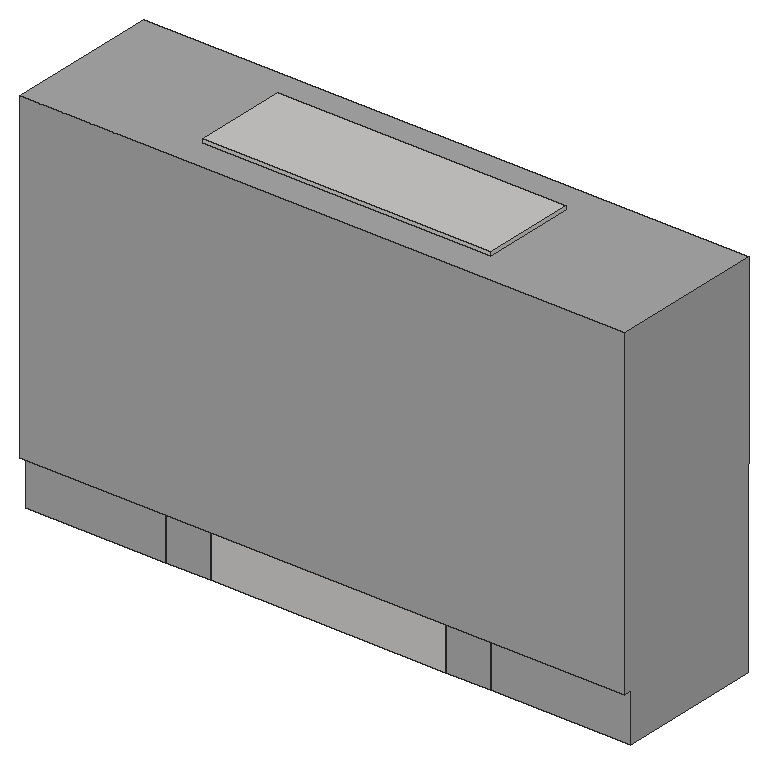
Revit family
Parameters (values of type "FWX 02 - 115V - 4 Pipe - 3 Rows Cooling - 1 Row Heating")
  Width = 3' - 5"
  Water Connection Radius [instance] = if(1 = 1, Water Connection Diameter / 2, 1' 0")  # 0' - 0 5/16"
  Water Connection Diameter [instance] = if(or([4 Pipe], [2 Pipe Heating]), Hot Water Connection Diameter, Chilled Water Connection Diameter)  # 0' - 0 5/8"
  Water Coil Pressure Drop = if(or([4 Pipe], [2 Pipe Heating]), Heating Coil Water Pressure Drop, Cooling Coil Water Pressure Drop)  # 0 Pa
  Total Coil Row Count = Heating Coil Row Count + Cooling Coil Row Count  # 4
  Heating Hot Water [instance] = yes
  Voltage = 120 V
  Unit Weight = if(Unit Size > 11, 149.00 lbf, if(Unit Size > 9, 131.00 lbf, if(Unit Size > 7, 102.00 lbf, if(Unit Size > 5, 96.00 lbf, if(Unit Size > 3, 87.00 lbf, if(Unit Size > 2, 74.00 lbf, if(Unit Size > 1, 66.00 lbf, 66.00 lbf)))))))  # 66.00 lbf
  Unit Size = 2
  URL = "http://www.enviro-tec.com/index.html"
  Type Comments = ""
  Total Cooling Capacity = 0.0 Btu/h
  Supply Air Connection Width = 19 1/2"
  Supply Air Connection Height = 7 1/2"
  Heating Steam [instance] = not(Heating Hot Water)  # no
  Sloped Top Panel = 1 = 0  # no
  Sensible Heating Capacity = 0.0 Btu/h
  Sensible Cooling Capacity = 0.0 Btu/h
  Secondary Condensate Drain Flow = 0 GPM
  Return Air Connection Width = 22"
  Return Air Connection Height = 0' 3 1/4"  # 3 1/4"
  Product Page URL = "http://www.enviro-tec.com/eCatalog/products.asp?ID=1"
  Product Documentation Link = "http://www.enviro-tec.com/pdf/catalog/ET115.26-EG6.pdf"
  Pressure Drop = 0.00 in-wg
  Power Factor = 1
  Return Duct Connector Description [instance] = "Return Air Connection"  # constant formula
  Outside Air Connection Width = 1' - 4"
  Outside Air Connection Height = 0' - 2 1/2"  # constant formula
  Outside Air Connection Description [instance] = if(Outside Air Connection, "Outside Air Connection", "Disabled")  # "Disabled"
  Outside Air Connection = no
  Heating Coil Row Count = 1
  Heating Coil Description [instance] = if(Heating Hot Water, "Hot Water", "Steam")  # "Hot Water"
  Filter Size = "9.25 X 21.75 X 1"
  Electric Heat Current = 0 A
  Depth = 0' - 10"  # constant formula
  Cooling DX Suction [instance] = no
  Cooling DX Liquid [instance] = no
  Cooling DX [instance] = yes
  Cooling Coil Row Count = 3
  Cooling Coil Description [instance] = if(Cooling Chilled Water, "Chilled Water", "DX")  # "DX"
  Cooling Chilled Water [instance] = or(and(not(Cooling DX Suction), not(Cooling DX), not(Cooling DX Liquid)))  # no
  Condensate Drain Connector Description [instance] = "Condensate Drain Connection"  # constant formula
  Water Supply Connector Description [instance] = if(or([4 Pipe], [2 Pipe Heating]), "Hot Water Supply", "Chilled Water Supply")  # "Hot Water Supply"
  Water Return Connector Description [instance] = if(or([4 Pipe], [2 Pipe Heating]), "Hot Water Return", "Chilled Water Return")  # "Hot Water Return"
  Chilled Water Supply Connector Description [instance] = if([4 Pipe], "Chilled Water Supply", "Disabled")  # "Disabled"
  Chilled Water Return Connector Description [instance] = if([4 Pipe], "Chilled Water Return", "Disabled")  # "Disabled"
  OmniClass Title = "Fan Coil Units"  # constant formula
  OmniClass Number = "23.75.70.17.27"  # constant formula
  Number of Poles = 1
  Net Weight = Unit Weight + Coil Rows Weight  # 96.00 lbf
  Mounting Hole Distance = if(1 = 1, Supply Air Connection Width + 0' 6", 1' 0")  # 2' - 1 1/2"
  Motor PSC Type [instance] = yes
  Fan Motor Current = 0 A
  Model = "FWX"
  Manufacturer = "Johnson Controls, Inc."  # constant formula
  Louver Material = Metal - JCI - Steel - Powder Coated - Gray - Louver
  Keynote = "15700"
  Hot Water Connection Diameter = if(Heating Coil Row Count < 3, 0' 0 5/8", 0' 0 3/4")  # 5/8"
  Height = 2' - 1 1/4"
  Heating Leaving Water Temperature [instance] = 140 °F
  Heating Entering Water Temperature [instance] = 180 °F
  Heating Entering Dry Bulb Temperature [instance] = 70 °F
  Heating Coil Water Pressure Drop = 0 Pa
  Heating Coil Row Quantity = 1
  Full Load Current = Fan Motor Current + Electric Heat Current  # 0 A
  Frequency = 0 Hz
  Frame Material = Metal - JCI - Steel - Galvanized
  Filter Throwaway [instance] = yes
  Filter Pleated 1 in [instance] = no
  Fan Width = if(Supply Air Connection Width > 2' 8", 0' 8 1/4", if(Supply Air Connection Width > 2' 3", 0' 6 7/8", if(Supply Air Connection Width > 1' 6", 0' 8 1/4", 0' 6 7/8")))  # 0' - 8 1/4"
  Fan Motor Horsepower = 0.1666
  External Static Pressure [instance] = 0.00 in-wg
  Electrical Connector Description = "Equipment Power"
  Electric Heat Wattage = 0 W
  Electric Heat Capacity = 0.0 Btu/h
  Supply Duct Connector Description = "Supply Air Connection"  # constant formula
  Design Heating Water Flow = 0 GPM
  Design Chilled Water Flow = 0 GPM
  Cooling Leaving Water Temperature [instance] = 55 °F
  Cooling Entering Wet Bulb Temperature [instance] = 67 °F
  Cooling Entering Water Temperature [instance] = 45 °F
  Cooling Entering Dry Bulb Temperature [instance] = 80 °F
  Cooling Coil Water Pressure Drop = 0 Pa
  Control Enclosure Width = 0' - 5 7/8"  # constant formula
  Control Enclosure Height [instance] = 0' - 5 1/2"  # constant formula
  Control Enclosure Depth = 0' - 3"  # constant formula
  Condensate Drain Pan Material = Metal - JCI - Steel - Galvanized
  Chilled Water Connection Radius [instance] = if(1 = 1, Chilled Water Connection Diameter / 2, 1' 0")  # 0' - 0 7/16"
  CTRL Slope Offset [instance] = if(Sloped Top Panel, 0' 3 5/8", 0' 0")  # 0' - 0"
  CTRL Slope Length [instance] = if(Sloped Top Panel, 0' 10 5/8", Depth + 0' 0 1/2")  # 0' - 10 1/2"
  CTRL Slope [instance] = if(Sloped Top Panel, 19.935°, 0.00°)  # 0.00°
  CTRL Outside Air Flow [instance] = if(Outside Air Connection, Actual Outside Air Flow, 0 CFM)  # 0 CFM
  CTRL Outside Air Connection Offset [instance] = if(1 = 1, Width / 2, 0' 0")  # 1' - 8 1/2"
  CTRL Junction Box Height [instance] = 0' - 6"  # constant formula
  CTRL Condensate Drain Offset [instance] = if(Coil Connection Right, Return Air Connection Width, 0' 0")  # 1' - 10"
  Condensate Drain Length [instance] = 0' - 8"  # constant formula
  Condensate Drain Height [instance] = if(Auxiliary Drip Pan, 0' 6 1/32", 0' 9")  # 0' - 6 1/32"
  Condensate Drain Connection Diameter Auxiliary = 0' 0 5/8"  # 5/8"
  Coil Rows Weight = if(and(Unit Size > 11, Total Coil Row Count > 3), 77.00 lbf, if(and(Unit Size > 11, Total Coil Row Count > 2), 61.00 lbf, if(and(Unit Size > 11, Total Coil Row Count > 1), 47.00 lbf, if(and(Unit Size > 11, Total Coil Row Count > 0.5), 37.00 lbf, if(and(Unit Size > 9, Total Coil Row Count > 3), 65.00 lbf, if(and(Unit Size > 9, Total Coil Row Count > 2), 52.00 lbf, if(and(Unit Size > 9, Total Coil Row Count > 1), 41.00 lbf, if(and(Unit Size > 9, Total Coil Row Count > 0.5), 32.00 lbf, if(and(Unit Size > 7, Total Coil Row Count > 3), 52.00 lbf, if(and(Unit Size > 7, Total Coil Row Count > 2), 41.00 lbf, if(and(Unit Size > 7, Total Coil Row Count > 1), 32.00 lbf, if(and(Unit Size > 7, Total Coil Row Count > 0.5), 25.00 lbf, if(and(Unit Size > 5, Total Coil Row Count > 3), 50.00 lbf, if(and(Unit Size > 5, Total Coil Row Count > 2), 39.00 lbf, if(and(Unit Size > 5, Total Coil Row Count > 1), 31.00 lbf, if(and(Unit Size > 5, Total Coil Row Count > 0.5), 24.00 lbf, if(and(Unit Size > 3, Total Coil Row Count > 3), 41.00 lbf, if(and(Unit Size > 3, Total Coil Row Count > 2), 32.00 lbf, if(and(Unit Size > 3, Total Coil Row Count > 1), 25.00 lbf, if(and(Unit Size > 3, Total Coil Row Count > 0.5), 20.00 lbf, if(and(Unit Size > 2, Total Coil Row Count > 3), 32.00 lbf, if(and(Unit Size > 2, Total Coil Row Count > 2), 25.00 lbf, if(and(Unit Size > 2, Total Coil Row Count > 1), 20.00 lbf, if(and(Unit Size > 2, Total Coil Row Count > 0.5), 15.00 lbf, if(and(Unit Size > 1, Total Coil Row Count > 3), 30.00 lbf, if(and(Unit Size > 1, Total Coil Row Count > 2), 23.00 lbf, if(and(Unit Size > 1, Total Coil Row Count > 1), 19.00 lbf, 14.00 lbf)))))))))))))))))))))))))))  # 30.00 lbf
  Coil Pipe Material = Metal - JCI - Copper - Type-L - Polished
  Coil Face Area = 3.02 SF
  Chilled Water Connection Diameter [instance] = if(and(Cooling Chilled Water, Cooling Coil Row Count < 3), 0' 0 5/8", if(and(Cooling DX, Cooling DX Liquid), 0' 0 3/8", if(and(Cooling DX, Cooling DX Suction), 0' 0 5/8", 0' 0 7/8")))  # 7/8"
  Two Fan Motors = Supply Air Connection Width > 2' 3"  # no
  Description = ""
  Copyright © = "© 2010, Johnson Controls, Inc."  # constant formula
  Cooling Coil Row Quantity = 2
  Control Enclosure Right [instance] = not(Coil Connection Right)  # no
  Control Enclosure Left [instance] = not(Control Enclosure Right)  # yes
  Condensate Pipe [instance] = yes
  Condensate Drain Connection Diameter = 3/4"
  Condensate Connection Radius 2 [instance] = if(Condensate Pipe, if(Condensate Drain Connection Diameter Auxiliary < 0' 0 1/8", 0' 0 1/16", Condensate Drain Connection Diameter Auxiliary / 2), Condensate Connection Radius)  # 0' - 0 5/16"
  Condensate Connection Radius [instance] = if(1 = 1, Condensate Drain Connection Diameter / 2, 0' 0")  # 0' - 0 3/8"
  Coil Connection Right [instance] = yes
  Coil Connection Left [instance] = not(Coil Connection Right)  # no
  Coil Casing Width = if(1 = 1, Supply Air Connection Width + 0' 9 1/8", 1' 0")  # 2' - 4 5/8"
  Coil Casing Depth = 0' - 11 5/8"  # constant formula
  CTRL Supply Offset Back = 0' - 3 3/4"  # constant formula
  CTRL Supply 2 Offset Back [instance] = if([4 Pipe], CTRL Supply Offset Back + 0' 3 1/2", CTRL Supply Offset Back)  # 0' - 3 3/4"
  CTRL Return Offset Back [instance] = 0' - 5 1/2"  # constant formula
  CTRL Return 2 Offset Back [instance] = if([4 Pipe], CTRL Return Offset Back - 0' 3 1/2", CTRL Return Offset Back)  # 0' - 5 1/2"
  CTRL Pipes Offset Position [instance] = if(Coil Connection Right, Return Air Connection Width, 0' 0")  # 1' - 10"
  CTRL Pipes Offset Length = 0' - 8"  # constant formula
  CTRL Pipe Supply Radius = 0' - 0 3/8"
  CTRL Pipe Supply 2 Height Offset [instance] = if([4 Pipe], CTRL Pipe Supply Height Offset - 0' 3", CTRL Pipe Supply Height Offset)  # 1' - 7 1/4"
  CTRL Pipe Supply Height Offset [instance] = 1' - 7 1/4"  # constant formula
  CTRL Pipe Return Radius = 0' - 0 3/8"
  CTRL Pipe Return Height Offset [instance] = 1' - 5 3/4"  # constant formula
  CTRL Pipe Return Angle [instance] = if(Coil Connection Right, 0.00°, 180.00°)  # 0.00°
  CTRL Pipe Return 2 Height Offset [instance] = if([4 Pipe], CTRL Pipe Return Height Offset + 0' 3", CTRL Pipe Return Height Offset)  # 1' - 5 3/4"
  CTRL Enclosure Offset [instance] = if(Control Enclosure Right, 0' 0", Return Air Connection Width)  # 1' - 10"
  CTRL Enclosure Height Offset [instance] = 0' - 6"  # constant formula
  CTRL Enclosure Angle [instance] = if(Control Enclosure Right, 0.00°, 180.00°)  # 180.00°
  CTRL Condensate Drain Angle [instance] = if(Coil Connection Right, 0.00°, 180.00°)  # 0.00°
  Auxiliary Drip Pan [instance] = yes
  Assembly Code = "D3050100"
  Apparent Load = Full Load Current * Voltage  # 0 VA
  Altitude = 0' - 0"
  Design Supply Air Flow = 2400 CFM
  Actual Supply Air Flow [instance] = Actual Return Air Flow + CTRL Outside Air Flow  # 0 CFM
  Actual Return Air Flow [instance] = 0 CFM
  Actual Outside Air Flow [instance] = 0 CFM
  Actual Heating Water Flow = 0 GPM
  Actual Condensate Drain Flow [instance] = 0 GPM
  Actual Chilled Water Flow = 0 GPM
  4 Pipe = no
  2 Pipe Heating = yes
  2 Pipe Cooling = not(or([2 Pipe Heating], [4 Pipe]))  # no
Reference planes (in)
  plane 1 "Center (Front/Back)": y = -6.9375
  plane 2 "Bottom": z = 0
  plane 3 "Center (Left/Right)": x = 0
  plane 4 "Left": x = -20.5
  plane 5 "Right": x = 20.5
  plane 6 "Front": y = -11.9375
  plane 7 "Top": z = 25.25
  plane 8 "Back": y = -1.9375
  plane 9 "Right Supply Air": x = 9.75
  plane 10 "Front Supply Air": y = -10.6875
  plane 11 "Back Supply Air": y = -3.1875
  plane 12 "Chilled Return Pipe Height": z = 17.75
  plane 13 "Heating Supply Pipe Height": z = 19.25
  plane 14 "Heating Supply Pipe": y = -5.6875
  plane 15 "Chilled Return Pipe": y = -7.4375
  plane 16 "Offset Front": y = -12.43244
  plane 17 "Left Supply Air": x = -9.75
  plane 18 "Back Control Box": y = -3.94333
  plane 19 "Front Control Box": y = -9.94333
  plane 20 "Pipe CTRL Offset": x = 11
  plane 21 "Heating Return Pipe": y = -7.4375
  plane 22 "Chilled Supply Pipe": y = -5.6875
  plane 23 "Heating Return Pipe Height": z = 17.75
  plane 24 "Chilled Supply Pipe Height": z = 19.25
  plane 25 "CTRL Junction Box Offset": x = -11
  plane 26 "Junction Box Bottom": z = 6
  plane 27 "Junction Box Top": z = 12
  plane 28 "Return Air Height": z = 3.25
  plane 29 "Left Return Air": x = -11
  plane 30 "Right Return Air": x = 11
  plane 31 "Auxiliary Drain Pan Top": z = 7.5
  plane 32 "Junction Box Exterior": x = -16.5
  plane 33 "Condensate Drain Offset": x = 11
  plane 34 "Condensate Drain Height": z = 6.03125
  plane 35 "Condensate Drain Pipe": y = -10.44333
  plane 36 "Condensate Pipe Height": z = 6.03125
  plane 37 "Left Control Door": x = -18.5
  plane 38 "Right Control Door": x = -11.75
  plane 39 "Back Control Door": y = -4
  plane 40: y = -9.875
  plane 41 "Control Door Center (Left/Right)": x = -15.125
  plane 42 "Offset Top": z = 25.25
  plane 43: y = -11.6875
Forms (in)
  Revolve 1, solid, material "Metal - JCI - Copper - Type-L - Polished" <- "Coil Pipe Material", not visible, detail levels fine
    sketch origin (0, -7.4375, 0) x (-1, 0, 0) y (0, 0, 1)
      loop
        line (-11, 17.75) -> (-19, 17.75) -> (-19, 17.375) -> (-11, 17.375) -> (-11, 17.75)
      axis (-11, 17.75) -> (-19, 17.75)
    angle from 0 to 360
  Revolve 2, solid, material "Metal - JCI - Copper - Type-L - Polished" <- "Coil Pipe Material", not visible, detail levels fine
    sketch origin (0, -5.6875, 0) x (-1, 0, 0) y (0, 0, 1)
      loop
        line (-11, 19.25) -> (-11, 19.625) -> (-19, 19.625) -> (-19, 19.25) -> (-11, 19.25)
      axis (-11, 19.25) -> (-19, 19.25)
    angle from 0 to 360
  Revolve 3, solid, material "Metal - JCI - Copper - Type-L - Polished" <- "Coil Pipe Material", not visible, detail levels fine
    sketch origin (0, -5.6875, 0) x (-1, 0, 0) y (0, 0, 1)
      loop
        line (-19, 19.25) -> (-19, 18.875) -> (-11, 18.875) -> (-11, 19.25) -> (-19, 19.25)
      axis (-11, 19.25) -> (-19, 19.25)
    angle from 0 to 360
  Revolve 4, solid, material "Metal - JCI - Copper - Type-L - Polished" <- "Coil Pipe Material", not visible, detail levels fine
    sketch origin (0, -7.4375, 0) x (-1, 0, 0) y (0, 0, 1)
      loop
        line (-11, 17.75) -> (-19, 17.75) -> (-19, 17.375) -> (-11, 17.375) -> (-11, 17.75)
      axis (-11, 17.75) -> (-19, 17.75)
    angle from 0 to 360
  Revolve 5, solid, material "Metal - JCI - Copper - Type-L - Polished" <- "Coil Pipe Material", not visible, detail levels fine
    sketch origin (0, -10.44333, 0) x (-1, 0, 0) y (0, 0, 1)
      loop
        line (-19, 6.03125) -> (-19, 5.65625) -> (-11, 5.65625) -> (-11, 6.03125) -> (-19, 6.03125)
      axis (-11, 6.03125) -> (-19, 6.03125)
    angle from 0 to 360
  Extrusion 6, solid, material "Metal - JCI - Steel - Galvanized" <- "Frame Material", not visible, detail levels fine
    sketch origin (0, 0, 12) x (-1, 0, 0) y (0, -1, 0)
      loop
        line (16.5, 9.9375) -> (11, 9.9375) -> (11, 3.9375) -> (16.5, 3.9375) -> (16.5, 9.9375)
    from 0 to 0.0625
  Extrusion 7, solid, material "Metal - JCI - Steel - Galvanized" <- "Frame Material", detail levels fine
    sketch origin (20.5, 0, 0) x (0, -1, 0) y (0, 0, -1)
      loop
        line (1.9375, -25.25) -> (12.43244, -25.25) -> (12.43244, -3.25) -> (1.9375, -3.25) -> (1.9375, -25.25)
    from -41 to 0
  Extrusion 8, solid, material "Metal - JCI - Steel - Galvanized" <- "Frame Material", detail levels fine
    sketch origin (0, 0, 0) x (1, 0, 0) y (0, 1, 0)
      loop
        line (-20.5, -1.9375) -> (-20.5, -11.9375) -> (-11, -11.9375) -> (-11, -11.6875) -> (11, -11.6875) -> (11, -11.9375) -> (20.5, -11.9375) -> (20.5, -1.9375) -> (-20.5, -1.9375)
    from 0 to 3.25
Cuts and joins
  joined: Extrusion 7, Extrusion 8
Lines and regions (in)
  Masking region 1
    outline origin (0, 0, 25.25) x (-1, 0, 0) y (0, -1, 0)
      loop
        line (20.5, 1.9375) -> (20.5, 12.43244) -> (-20.5, 12.43244) -> (-20.5, 1.9375) -> (20.5, 1.9375)
  Masking region 2
    outline origin (20.5, 0, 0) x (0, -1, 0) y (0, 0, 1)
      loop
        line (1.9375, 25.25) -> (1.9375, 0) -> (11.9375, 0) -> (11.9375, 3.25) -> (12.43244, 3.25) -> (12.43244, 25.25) -> (1.9375, 25.25)
  Masking region 3
    outline origin (0, -1.9375, 0) x (-1, 0, 0) y (0, 0, 1)
      loop
        line (20.5, 25.25) -> (-20.5, 25.25) -> (-20.5, 0) -> (20.5, 0) -> (20.5, 25.25)
  symbolic lines, detail levels coarse
    curve 1: line (0, -13.05744, 15.75) -> (0, -11.9375, 15.75)
  model lines, style "Fan Coil Unit"
    curve 2: line (20.5, -11.9375, 0) -> (20.5, -11.9375, 3.25)
    curve 3: line (-20.5, -11.9375, 0) -> (20.5, -11.9375, 0)
    curve 4: line (-20.5, -11.9375, 3.25) -> (-20.5, -11.9375, 0)
    curve 5: line (-20.5, -11.9375, 3.25) -> (20.5, -11.9375, 3.25)
    curve 6: line (20.5, -12.43244, 25.25) -> (-20.5, -12.43244, 25.25)
    curve 7: line (-20.5, -12.43244, 25.25) -> (-20.5, -12.43244, 3.25)
    curve 8: line (20.5, -12.43244, 3.25) -> (20.5, -12.43244, 25.25)
    curve 9: line (-20.5, -12.43244, 3.25) -> (20.5, -12.43244, 3.25)
    curve 10: line (-20.5, -11.9375, 3.25) -> (-20.5, -12.43244, 3.25)
    curve 11: line (20.5, -12.43244, 3.25) -> (20.5, -11.9375, 3.25)
    curve 12: line (-20.5, -1.9375, 0) -> (20.5, -1.9375, 0)
    curve 13: line (20.5, -11.9375, 0) -> (20.5, -1.9375, 0)
    curve 14: line (-20.5, -1.9375, 0) -> (-20.5, -11.9375, 0)
    curve 15: line (-20.5, -1.9375, 25.25) -> (-20.5, -1.9375, 0)
    curve 16: line (20.5, -1.9375, 25.25) -> (20.5, -1.9375, 0)
    curve 17: line (-20.5, -1.9375, 25.25) -> (-20.5, -12.43244, 25.25)
    curve 18: line (20.5, -1.9375, 25.25) -> (20.5, -12.43244, 25.25)
    curve 19: line (-20.5, -1.9375, 25.25) -> (20.5, -1.9375, 25.25)
  reference lines
    curve 20: line (-20.5, -12.43244, 25.25) -> (-20.5, -1.93244, 25.25)
    curve 21: line (-20.5, -7.18244, 25.25) -> (-20.5, -7.18244, 27.25)
Dimensions and locks (in)
  equal spacing: plane 6 "Front", plane 1 "Center (Front/Back)", plane 8 "Back"
  "Depth": plane 6 "Front" to plane 8 "Back"
  equal spacing: plane 10 "Front Supply Air", plane 1 "Center (Front/Back)", plane 11 "Back Supply Air"
  "Supply Air Connection Height": plane 10 "Front Supply Air" to plane 11 "Back Supply Air"
  locked: plane 16 "Offset Front" to plane 6 "Front" at 0.49494
  "Supply Air Connection Width": plane 17 "Left Supply Air" to plane 9 "Right Supply Air"
  locked: plane 19 "Front Control Box" to plane 18 "Back Control Box" at 6
  equal spacing: plane 4 "Left", plane 3 "Center (Left/Right)", plane 5 "Right"
  equal spacing: plane 17 "Left Supply Air", plane 3 "Center (Left/Right)", plane 9 "Right Supply Air"
  "CTRL Pipe Return Radius": Revolve 1 sketch curve to Revolve 1 sketch curve
  "CTRL Pipes Offset Length": Revolve 1 sketch curve to Revolve 1 sketch curve
  "CTRL Pipes Offset Length": Revolve 2 sketch curve to Revolve 2 sketch curve
  "CTRL Pipe Supply Radius": Revolve 2 sketch curve to Revolve 2 sketch curve
  "CTRL Pipes Offset Length": Revolve 3 sketch curve to Revolve 3 sketch curve
  "CTRL Pipe Supply Radius": Revolve 3 sketch curve to Revolve 3 sketch curve
  "CTRL Pipes Offset Length": Revolve 4 sketch curve to Revolve 4 sketch curve
  "CTRL Pipe Return Radius": Revolve 4 sketch curve to Revolve 4 sketch curve
  "CTRL Enclosure Height Offset": plane 26 "Junction Box Bottom" to plane 2 "Bottom"
  "Height": plane 7 "Top" to plane 2 "Bottom"
  "Return Air Connection Height": plane 28 "Return Air Height" to plane 2 "Bottom"
  equal spacing: plane 29 "Left Return Air", plane 3 "Center (Left/Right)", plane 30 "Right Return Air"
  "Return Air Connection Width": plane 29 "Left Return Air" to plane 30 "Right Return Air"
  "CTRL Supply 2 Offset Back": plane 14 "Heating Supply Pipe" to plane 8 "Back"
  "CTRL Return 2 Offset Back": plane 15 "Chilled Return Pipe" to plane 8 "Back"
  "CTRL Pipe Supply 2 Height Offset": plane 13 "Heating Supply Pipe Height" to plane 2 "Bottom"
  "CTRL Pipe Return Height Offset": plane 23 "Heating Return Pipe Height" to plane 2 "Bottom"
  "CTRL Pipe Return 2 Height Offset": plane 12 "Chilled Return Pipe Height" to plane 2 "Bottom"
  "CTRL Supply Offset Back": plane 22 "Chilled Supply Pipe" to plane 8 "Back"
  "CTRL Return Offset Back": plane 21 "Heating Return Pipe" to plane 8 "Back"
  "CTRL Pipe Supply Height Offset": plane 24 "Chilled Supply Pipe Height" to plane 2 "Bottom"
  locked: plane 32 "Junction Box Exterior" to plane 25 "CTRL Junction Box Offset" at 5.5
  locked: plane 35 "Condensate Drain Pipe" to plane 19 "Front Control Box" at 0.5
  "Condensate Drain Height": plane 36 "Condensate Pipe Height" to plane 2 "Bottom"
  plane 27 "Junction Box Top" to plane 26 "Junction Box Bottom" = 0' - 6"
  "Width": plane 4 "Left" to plane 5 "Right"
  "CTRL Pipes Offset Position": plane 29 "Left Return Air" to plane 20 "Pipe CTRL Offset"
  "Condensate Drain Length": Revolve 5 sketch curve to Revolve 5 sketch curve
  "Condensate Connection Radius": Revolve 5 sketch curve to Revolve 5 sketch curve
  "Condensate Drain Height": plane 34 "Condensate Drain Height" to plane 2 "Bottom"
  "CTRL Condensate Drain Offset": plane 29 "Left Return Air" to plane 33 "Condensate Drain Offset"
  "CTRL Enclosure Offset": plane 25 "CTRL Junction Box Offset" to plane 30 "Right Return Air"
  plane 4 "Left" to plane 37 "Left Control Door" = 0' - 2"
  plane 38 "Right Control Door" to plane 17 "Left Supply Air" = 0' - 2"
  locked: plane 8 "Back" to plane 39 "Back Control Door" at 2.0625
  locked: plane 6 "Front" to plane 40 at 2.0625
  equal spacing: plane 37 "Left Control Door", plane 41 "Control Door Center (Left/Right)", plane 38 "Right Control Door"
  equal spacing: plane 40, plane 1 "Center (Front/Back)", plane 39 "Back Control Door"
  curve 8 to Revolve 1 = 0' - 1 1/2"
  locked: plane 6 "Front" to plane 43 at 0.25
  equal spacing: curve 20, curve 21, curve 20
  "CTRL Slope Length": curve 20 to curve 20
  "CTRL Slope Offset": plane 42 "Offset Top" to plane 7 "Top"
  locked: plane 2 "Bottom" to connector elem at 1.25
  "CTRL Outside Air Connection Offset": connector elem to curve 15
  "CTRL Pipe Return Angle": angle plane 12 "Chilled Return Pipe Height" to Revolve 1 sketch curve
  "CTRL Pipe Return Angle": angle plane 13 "Heating Supply Pipe Height" to Revolve 2 sketch curve
  "CTRL Pipe Return Angle": angle plane 24 "Chilled Supply Pipe Height" to Revolve 3 sketch curve
  "CTRL Pipe Return Angle": angle plane 23 "Heating Return Pipe Height" to Revolve 4 sketch curve
  "CTRL Enclosure Angle": angle plane 1 "Center (Front/Back)" to nested 2
  "CTRL Condensate Drain Angle": angle plane 34 "Condensate Drain Height" to Revolve 5 sketch curve
  "CTRL Slope": angle plane 7 "Top" to curve 20
  locked: curve 21 to curve 20 (angle 90.00°)
  "CTRL Slope": angle plane 7 "Top" to nested 3
  aligned and locked: level to plane 2 "Bottom"
  aligned and locked: plane 1 "Center (Front/Back)" to nested 1
  aligned and locked: plane 3 "Center (Left/Right)" to nested 1
  aligned and locked: plane 20 "Pipe CTRL Offset" to Revolve 1 sketch curve
  aligned and locked: plane 12 "Chilled Return Pipe Height" to Revolve 1 sketch curve
  aligned and locked: Revolve 1 sketch curve to Revolve 1 sketch curve  (x3)
  aligned and locked: plane 20 "Pipe CTRL Offset" to Revolve 2 sketch curve
  aligned and locked: plane 13 "Heating Supply Pipe Height" to Revolve 2 sketch curve
  aligned and locked: Revolve 2 sketch curve to Revolve 2 sketch curve  (x3)
  aligned and locked: plane 20 "Pipe CTRL Offset" to Revolve 3 sketch curve
  aligned and locked: plane 24 "Chilled Supply Pipe Height" to Revolve 3 sketch curve
  aligned and locked: Revolve 3 sketch curve to Revolve 3 sketch curve  (x3)
  aligned and locked: plane 20 "Pipe CTRL Offset" to Revolve 4 sketch curve
  aligned and locked: plane 23 "Heating Return Pipe Height" to Revolve 4 sketch curve
  aligned and locked: Revolve 4 sketch curve to Revolve 4 sketch curve  (x3)
  aligned and locked: nested 2 to nested 2  (x2)
  aligned and locked: plane 25 "CTRL Junction Box Offset" to nested 2
  aligned and locked: plane 33 "Condensate Drain Offset" to Revolve 5 sketch curve  (x2)
  aligned and locked: plane 27 "Junction Box Top" to nested 2
  aligned and locked: Extrusion 6 sketch curve to nested 2  (x4)
  aligned and locked: curve 9 to plane 28 "Return Air Height"
  aligned and locked: curve 5 to plane 28 "Return Air Height"
  aligned and locked: curve 3 to plane 2 "Bottom"
  aligned and locked: curve 12 to plane 2 "Bottom"
  aligned and locked: plane 7 "Top" to curve 6
  aligned and locked: Revolve 5 sketch curve to Revolve 5 sketch curve
  aligned and locked: curve 15 to curve 7
  aligned and locked: curve 16 to curve 13
  aligned and locked: curve 15 to curve 14
  aligned and locked: curve 19 to plane 42 "Offset Top"
  aligned and locked: Extrusion 7 sketch curve to curve 15
  aligned and locked: Extrusion 7 sketch curve to curve 10
  aligned and locked: Extrusion 7 sketch curve to curve 7
  aligned and locked: plane 4 "Left" to Extrusion 7
  aligned and locked: plane 5 "Right" to Extrusion 7
  aligned and locked: plane 16 "Offset Front" to Extrusion 7
  aligned and locked: plane 8 "Back" to Extrusion 7
  aligned and locked: Masking region 1 sketch curve to plane 8 "Back"
  aligned and locked: Masking region 1 sketch curve to plane 5 "Right"
  aligned and locked: Masking region 1 sketch curve to plane 16 "Offset Front"
  aligned and locked: Masking region 1 sketch curve to plane 4 "Left"
  aligned and locked: plane 8 "Back" to Masking region 2 sketch curve
  aligned and locked: Masking region 2 sketch curve to plane 2 "Bottom"
  aligned and locked: plane 16 "Offset Front" to Masking region 2 sketch curve
  aligned and locked: plane 28 "Return Air Height" to Masking region 2 sketch curve
  aligned and locked: Masking region 2 sketch curve to plane 6 "Front"
  aligned and locked: Masking region 3 sketch curve to plane 42 "Offset Top"
  aligned and locked: Masking region 3 sketch curve to plane 4 "Left"
  aligned and locked: plane 2 "Bottom" to Masking region 3 sketch curve
  aligned and locked: Masking region 3 sketch curve to plane 5 "Right"
  aligned and locked: plane 17 "Left Supply Air" to nested 3
  aligned and locked: curve 2 to curve 8
  aligned and locked: plane 28 "Return Air Height" to nested 4  (x2)
  aligned and locked: plane 29 "Left Return Air" to nested 4
  aligned and locked: nested 4 to plane 30 "Right Return Air"
  aligned and locked: plane 2 "Bottom" to nested 4
  aligned and locked: nested 4 to plane 6 "Front"
  aligned and locked: Extrusion 8 sketch curve to plane 6 "Front"
  aligned and locked: Extrusion 8 sketch curve to plane 5 "Right"
  aligned and locked: Extrusion 8 sketch curve to plane 8 "Back"
  aligned and locked: Extrusion 8 sketch curve to plane 4 "Left"
  aligned and locked: plane 28 "Return Air Height" to Extrusion 8
  aligned and locked: Extrusion 8 to plane 2 "Bottom"
  aligned and locked: Extrusion 8 sketch curve to plane 29 "Left Return Air"
  aligned and locked: Extrusion 8 sketch curve to plane 30 "Right Return Air"
  aligned and locked: plane 43 to Extrusion 8 sketch curve
  aligned and locked: curve 18 to curve 20
  aligned and locked: curve 17 to curve 20
  aligned and locked: nested 3 to curve 20
  aligned and locked: nested 3 to curve 21
  aligned and locked: Extrusion 7 sketch curve to curve 20
  aligned and locked: Masking region 2 sketch curve to curve 20
  aligned and locked: plane 16 "Offset Front" to curve 20
  aligned and locked: plane 7 "Top" to curve 20
Automatic sketch dimensions
  Revolve 5 sketch curve to plane 34 "Condensate Drain Height" = 0' - 0"
  curve 1 to plane 3 "Center (Left/Right)" = 0' - 0"
  curve 1 to plane 6 "Front" = 0' - 0"
  plane 16 "Offset Front" to curve 1 = 0' - 0 5/8"
  curve 12 to plane 5 "Right" = 0' - 0"
  curve 2 to plane 5 "Right" = 0' - 0"
  curve 4 to plane 4 "Left" = 0' - 0"
  curve 18 to plane 8 "Back" = 0' - 0"
  curve 13 to level = 0' - 0"
  curve 13 to plane 6 "Front" = 0' - 0"
  curve 11 to plane 6 "Front" = 0' - 0"
  curve 11 to plane 16 "Offset Front" = 0' - 0"
  curve 11 to plane 28 "Return Air Height" = 0' - 0"
  curve 7 to plane 4 "Left" = 0' - 0"
  curve 17 to plane 8 "Back" = 0' - 0"
  curve 14 to level = 0' - 0"
  curve 14 to plane 6 "Front" = 0' - 0"
  curve 10 to plane 6 "Front" = 0' - 0"
  curve 10 to plane 16 "Offset Front" = 0' - 0"
  curve 10 to plane 28 "Return Air Height" = 0' - 0"
  Extrusion 8 sketch curve to plane 6 "Front" = 0' - 0"
  curve 17 to plane 16 "Offset Front" = 0' - 0"
  curve 18 to plane 16 "Offset Front" = 0' - 0"
Nested families (in)
  nested 1: "Model Name" at (0, -6.9375, 0), type "Model Name", detail levels coarse
    with Model Name "FWC"
  nested 2: "HVAC-JCI-Junction_Box" at (-13.75, -6.9375, 6), Junction Box Material <- "Frame Material", type "Junction_Box", not visible, detail levels fine
    with Junction Box Material Metal - JCI - Steel - Galvanized, Junction Box yes
  nested 3: "Panel-JCI-Stamped_Louver" at (0, -3.99494, 25.25), type "Panel-JCI-Stamped_Louver", detail levels fine
    with Width 1' - 7 1/2", Louver Width 1' - 7 1/2"
  nested 4: "Panel-JCI-Stamped_Louver_Return_Air_Grille" at (0, -11.6875, 0), type "Panel-JCI-Stamped_Louver", detail levels fine
    with Louver Width 1' - 10", Louver Height 0' - 3 1/4"
Connectors (in)
  piping at (19, -7.4375, 17.75), driven by "CTRL Pipe Return Radius", driven by "Chilled Water Return Connector Description", driven by "Actual Chilled Water Flow"
    settings: on Revolve 1, index 1
  piping at (19, -5.6875, 19.25), driven by "CTRL Pipe Supply Radius", driven by "Chilled Water Supply Connector Description", driven by "Actual Chilled Water Flow"
    settings: on Revolve 3, index 2
  piping at (19, -7.4375, 17.75), driven by "CTRL Pipe Return Radius", driven by "Water Return Connector Description", driven by "Actual Heating Water Flow"
    settings: on Revolve 4, index 3
  piping at (19, -5.6875, 19.25), driven by "CTRL Pipe Supply Radius", driven by "Water Supply Connector Description", driven by "Actual Heating Water Flow"
    settings: on Revolve 2, index 4
  electrical at (-13.75, -6.9375, 12), driven by "Power Factor", driven by "Apparent Load", driven by "Voltage", driven by "Number of Poles", driven by "Electrical Connector Description", driven by "Apparent Load"
    settings: on Extrusion 6, index 5
  piping at (19, -10.44333, 6.03125), driven by "Actual Condensate Drain Flow", driven by "Condensate Connection Radius", driven by "Condensate Drain Connector Description"
    settings: on Revolve 5, index 8
  hvac at (0, -1.9375, 1.25), driven by "Outside Air Connection Height", driven by "Outside Air Connection Width", driven by "CTRL Outside Air Flow", driven by "Outside Air Connection Description"
    settings: index 9
Definition of nested family "HVAC-JCI-Junction_Box"
  Parameters (values of type "Junction_Box")
    Width = 0' - 5 1/2"
    Length = 0' - 6"
    Junction Box [instance] = yes
    Junction Box Material [instance] = Default
    Height = 0' - 6"
    Assembly Code = ""
  Reference planes (in)
    plane 1 "Center (Front/Back)": y = 0
    plane 2 "Bottom": z = 0
    plane 3 "Center (Left/Right)": x = 0
    plane 4 "Top": z = 6
    plane 5 "Left": x = -2.75
    plane 6 "Right": x = 2.75
    plane 7 "Front": y = -3
    plane 8 "Center Auxiliary Drain (Left/Right)": z = 3
    plane 9 "Back": y = 3
  Forms (in)
    Extrusion 1, solid, detail levels fine
      sketch origin (0, 0, 0) x (1, 0, 0) y (0, 1, 0)
        loop
          line (-2.75, 3) -> (-2.75, -3) -> (2.75, -3) -> (2.75, 3) -> (-2.75, 3)
      from 0 to 6
  Lines and regions (in)
    Masking region 1
      outline origin (0, 0, 0) x (1, 0, 0) y (0, 1, 0)
        loop
          line (-2.75, 3) -> (-2.75, -3) -> (2.75, -3) -> (2.75, 3) -> (-2.75, 3)
    Masking region 2
      outline origin (0, -3, 0) x (0, 0, 1) y (1, 0, 0)
        loop
          line (6, -2.75) -> (6, 2.75) -> (0, 2.75) -> (0, -2.75) -> (6, -2.75)
    Masking region 3
      outline origin (-2.75, 0, 0) x (0, 0, -1) y (0, -1, 0)
        loop
          line (-6, -3) -> (0, -3) -> (0, 3) -> (-6, 3) -> (-6, -3)
    model lines
      curve 1: line (-2.75, -3, 0) -> (-2.75, 3, 0)
      curve 2: line (-2.75, -3, 0) -> (-2.75, -3, 6)
      curve 3: line (-2.75, -3, 6) -> (-2.75, 3, 6)
      curve 4: line (-2.75, 3, 6) -> (-2.75, 3, 0)
      curve 5: line (2.75, 3, 6) -> (2.75, -3, 6)
      curve 6: line (2.75, -3, 6) -> (2.75, -3, 0)
      curve 7: line (2.75, -3, 0) -> (2.75, 3, 0)
      curve 8: line (2.75, 3, 0) -> (2.75, 3, 6)
      curve 9: line (-2.75, -3, 6) -> (2.75, -3, 6)
      curve 10: line (-2.75, -3, 0) -> (2.75, -3, 0)
      curve 11: line (-2.75, 3, 6) -> (2.75, 3, 6)
      curve 12: line (-2.75, 3, 0) -> (2.75, 3, 0)
  Dimensions and locks (in)
    plane 7 "Front" to plane 1 "Center (Front/Back)" = 0' - 3"
    equal spacing: plane 4 "Top", plane 8 "Center Auxiliary Drain (Left/Right)", plane 2 "Bottom"
    "Length": plane 9 "Back" to plane 7 "Front"
    equal spacing: plane 9 "Back", plane 1 "Center (Front/Back)", plane 7 "Front"
    equal spacing: plane 5 "Left", plane 3 "Center (Left/Right)", plane 6 "Right"
    "Width": plane 5 "Left" to plane 6 "Right"
    "Height": plane 4 "Top" to plane 2 "Bottom"
    aligned and locked: level to plane 2 "Bottom"
    aligned and locked: curve 1 to plane 5 "Left"
    aligned and locked: Extrusion 1 sketch curve to plane 9 "Back"
    aligned and locked: Extrusion 1 sketch curve to plane 5 "Left"
    aligned and locked: plane 7 "Front" to Extrusion 1 sketch curve
    aligned and locked: plane 6 "Right" to Extrusion 1 sketch curve
    aligned and locked: plane 4 "Top" to Extrusion 1
    aligned and locked: Masking region 1 sketch curve to plane 9 "Back"
    aligned and locked: plane 6 "Right" to Masking region 1 sketch curve
    aligned and locked: plane 7 "Front" to Masking region 1 sketch curve
    aligned and locked: Masking region 1 sketch curve to plane 5 "Left"
    aligned and locked: Masking region 2 sketch curve to plane 4 "Top"
    aligned and locked: Masking region 2 sketch curve to plane 5 "Left"
    aligned and locked: plane 2 "Bottom" to Masking region 2 sketch curve
    aligned and locked: plane 6 "Right" to Masking region 2 sketch curve
    aligned and locked: plane 2 "Bottom" to Masking region 3 sketch curve
    aligned and locked: plane 7 "Front" to Masking region 3 sketch curve
    aligned and locked: Masking region 3 sketch curve to plane 4 "Top"
    aligned and locked: Masking region 3 sketch curve to plane 9 "Back"
    aligned and locked: curve 2 to Extrusion 1
    aligned and locked: curve 3 to Extrusion 1
    aligned and locked: curve 4 to Extrusion 1
    aligned and locked: curve 5 to Extrusion 1
    aligned and locked: curve 6 to Extrusion 1
    aligned and locked: curve 7 to Extrusion 1
    aligned and locked: curve 8 to Extrusion 1
    aligned and locked: curve 9 to Extrusion 1
    aligned and locked: Extrusion 1 to plane 2 "Bottom"
    aligned and locked: plane 5 "Left" to Extrusion 1
    aligned and locked: curve 9 to plane 4 "Top"
    aligned and locked: Extrusion 1 to plane 6 "Right"
    aligned and locked: plane 4 "Top" to curve 3
    aligned and locked: curve 2 to plane 7 "Front"
    aligned and locked: plane 2 "Bottom" to curve 1
    aligned and locked: plane 9 "Back" to curve 4
    aligned and locked: curve 2 to plane 5 "Left"
    aligned and locked: plane 5 "Left" to curve 4
    aligned and locked: Extrusion 1 to plane 5 "Left"
    aligned and locked: plane 9 "Back" to Extrusion 1
    aligned and locked: curve 3 to plane 5 "Left"
    aligned and locked: Extrusion 1 to plane 7 "Front"
    aligned and locked: plane 6 "Right" to curve 5
    aligned and locked: curve 11 to plane 9 "Back"
    aligned and locked: curve 7 to plane 6 "Right"
    aligned and locked: curve 9 to plane 7 "Front"
    aligned and locked: curve 10 to plane 7 "Front"
    aligned and locked: curve 12 to plane 9 "Back"
  Automatic sketch dimensions
    curve 4 to level = 0' - 0"
    curve 2 to level = 0' - 0"
    plane 4 "Top" to curve 5 = 0' - 0"
    curve 7 to level = 0' - 0"
    plane 9 "Back" to curve 8 = 0' - 0"
    plane 7 "Front" to curve 7 = 0' - 0"
    curve 10 to level = 0' - 0"
    curve 10 to plane 5 "Left" = 0' - 0"
    curve 9 to plane 5 "Left" = 0' - 0"
    curve 10 to plane 6 "Right" = 0' - 0"
    curve 9 to plane 6 "Right" = 0' - 0"
    curve 12 to level = 0' - 0"
    curve 11 to plane 4 "Top" = 0' - 0"
    curve 12 to plane 5 "Left" = 0' - 0"
    curve 11 to plane 5 "Left" = 0' - 0"
    curve 12 to plane 6 "Right" = 0' - 0"
    curve 11 to plane 6 "Right" = 0' - 0"
    curve 1 to plane 7 "Front" = 0' - 0"
    curve 1 to plane 9 "Back" = 0' - 0"
Definition of nested family "Panel-JCI-Stamped_Louver"
  Parameters (values of type "Panel-JCI-Stamped_Louver")
    Width = 2' - 6 1/8"
    Louver Width = 1' - 11 1/2"
    Louver Material = Metal - JCI - Steel - Powder Coated - Gray - Louver
    Louver Height = 0' - 0 1/4"
    Height = 0' - 10"
    Exposed Unit Cover Panel = no
    Door Material = Metal - JCI - Steel - Galvanized
    Depth = 0' - 6 3/8"  # constant formula
    Clearance Top = 0' - 0"
    Clearance Right = 0' - 0"
    Clearance Left = 0' - 0"
    Clearance Front = 3' - 0"
    Clearance Bottom = 0' - 0"
    Clearance Back = 0' - 0"
    Clearance = Included Clearance : Include Clearance
    CTRL Top Cover Height = if(Exposed Unit Cover Panel, 2' 1 7/16", 0' 0")  # 0' - 0"
    CTRL Clearance Height = Height + CTRL Top Cover Height  # 0' - 10"
    CTRL Bottom Cover Height = if(Exposed Unit Cover Panel, 0' 2", 0' 0")  # 0' - 0"
    Assembly Code = ""
  Reference planes (in)
    plane 1 "Back": y = 0
    plane 2 "Bottom": z = 0
    plane 3 "Center (Left/Right)": x = 0
    plane 4 "Top of Louver": z = 0.25
    plane 5 "Louver Left": x = -11.75
    plane 6 "Louver Right": x = 11.75
    plane 7 "Front": y = -6.375
    plane 8 "Center (Front/Back)": y = -3.1875
    plane 9 "Control Box Bottom": y = -5.875
    plane 10 "Control Box Top": y = -0.5
  Forms (in)
    Extrusion 1, solid, material "Metal - JCI - Steel - Powder Coated - Gray - Louver" <- "Louver Material", detail levels medium+fine
      sketch origin (1, 0, -1.8125) x (1, 0, 0) y (0, 0, 1)
        loop
          line (10.75, 1.8125) -> (10.75, 2.0625) -> (-12.75, 2.0625) -> (-12.75, 1.8125) -> (10.75, 1.8125)
      from 0 to 6.375
  Lines and regions (in)
    Masking region 1
      outline origin (0, 0, 0) x (0, 1, 0) y (0, 0, 1)
        loop
          line (0, 0) -> (0, 0.25) -> (-6.375, 0.25) -> (-6.375, 0) -> (0, 0)
    Masking region 2, detail levels medium+fine
      outline origin (0, 0, 0) x (1, 0, 0) y (0, 1, 0)
        loop
          line (11.75, -6.375) -> (11.75, 0) -> (-11.75, 0) -> (-11.75, -6.375) -> (11.75, -6.375)
    model lines, style "Fan Coil Unit", detail levels coarse
      curve 1: line (11.75, -6.375, 0.25) -> (11.75, -6.375, 0)
      curve 2: line (-11.75, -6.375, 0) -> (11.75, -6.375, 0)
    symbolic lines, detail levels medium+fine
      curve 3: line (11.75, -6.375, 0) -> (-11.75, -6.375, 0)
      curve 5: line (11.75, -6.375, 0.25) -> (-11.75, -6.375, 0.25)
    symbolic lines, detail levels fine
      curve 4: line (11.75, -6.375, 0.25) -> (11.75, -6.375, 0)
    symbolic lines
      curve 6: line (-11.75, -6.375, 0.25) -> (-11.75, -6.375, 0)
  Dimensions and locks (in)
    "Louver Width": plane 5 "Louver Left" to plane 6 "Louver Right"
    equal spacing: plane 5 "Louver Left", plane 3 "Center (Left/Right)", plane 6 "Louver Right"
    "Louver Height": plane 4 "Top of Louver" to plane 2 "Bottom"
    "Depth": plane 1 "Back" to plane 7 "Front"
    equal spacing: plane 1 "Back", plane 8 "Center (Front/Back)", plane 7 "Front"
    locked: plane 9 "Control Box Bottom" to plane 7 "Front" at 0.5
    locked: plane 10 "Control Box Top" to plane 1 "Back" at 0.5
    aligned and locked: plane 2 "Bottom" to level
    aligned and locked: Extrusion 1 sketch curve to plane 5 "Louver Left"
    aligned and locked: Extrusion 1 sketch curve to plane 4 "Top of Louver"
    aligned and locked: plane 6 "Louver Right" to Extrusion 1 sketch curve
    aligned and locked: Extrusion 1 to plane 1 "Back"
    aligned and locked: Extrusion 1 to plane 7 "Front"
    aligned and locked: plane 7 "Front" to Masking region 1 sketch curve
    aligned and locked: plane 1 "Back" to Masking region 1 sketch curve
    aligned and locked: plane 2 "Bottom" to Masking region 1 sketch curve
    aligned and locked: plane 1 "Back" to Masking region 2 sketch curve
    aligned and locked: plane 6 "Louver Right" to curve 4
    aligned and locked: curve 6 to plane 5 "Louver Left"
    aligned and locked: plane 5 "Louver Left" to Extrusion 1
    aligned and locked: Extrusion 1 to plane 6 "Louver Right"
    aligned and locked: plane 5 "Louver Left" to Masking region 2
    aligned and locked: Masking region 2 to plane 6 "Louver Right"
  Automatic sketch dimensions
    Masking region 2 sketch curve to plane 7 "Front" = 0' - 0"
    plane 5 "Louver Left" to Masking region 2 sketch curve = 0' - 0"
    plane 4 "Top of Louver" to Masking region 1 sketch curve = 0' - 0"
    Masking region 2 sketch curve to plane 6 "Louver Right" = 0' - 0"
    Extrusion 1 sketch curve to level = 0' - 0"
    curve 1 to level = 0' - 0"
    curve 6 to plane 4 "Top of Louver" = 0' - 0"
Definition of nested family "Panel-JCI-Stamped_Louver_Return_Air_Grille"
  Parameters (values of type "Panel-JCI-Stamped_Louver")
    Width = 2' - 2 11/16"
    Louver Width = 2' - 3"
    Louver Material = Metal - JCI - Steel - Powder Coated - Gray - Louver
    Louver Height = 0' - 3"
    Height = 0' - 10"
    Exposed Unit Cover Panel = no
    Door Material = Metal - JCI - Steel - Powder Coated - Gray
    Depth = 0' - 0 1/4"
    Clearance Top = 0' - 0"
    Clearance Right = 0' - 0"
    Clearance Left = 0' - 0"
    Clearance Front = 3' - 0"
    Clearance Bottom = 0' - 0"
    Clearance Back = 0' - 0"
    Clearance = Included Clearance : Include Clearance
    CTRL Top Cover Height = if(Exposed Unit Cover Panel, 2' 1 7/16", 0' 0")  # 0' - 0"
    CTRL Clearance Height = Height + CTRL Top Cover Height  # 0' - 10"
    CTRL Bottom Cover Height = if(Exposed Unit Cover Panel, 0' 2", 0' 0")  # 0' - 0"
    Assembly Code = ""
  Reference planes (in)
    plane 1 "Center (Front/Back)": y = 0
    plane 2 "Bottom": z = 0
    plane 3 "Center (Left/Right)": x = 0
    plane 4 "Top of Louver": z = 3
    plane 5 "Left": x = -13.5
    plane 6 "Right": x = 13.5
    plane 7 "Front": y = -0.25
    plane 8 "Louver Center (Left/Right)": y = -0.125
    plane 9 "Louver Left": x = -10.5
    plane 10 "Louver Right": x = 10.5
  Forms (in)
    Extrusion 1, solid, material "Metal - JCI - Steel - Powder Coated - Gray - Louver" <- "Louver Material", detail levels medium+fine
      sketch origin (1, 0, -1.8125) x (1, 0, 0) y (0, 0, 1)
        loop
          line (9.5, 1.8125) -> (9.5, 4.8125) -> (-11.5, 4.8125) -> (-11.5, 1.8125) -> (9.5, 1.8125)
      from 0 to 0.25
    Extrusion 2, solid, material "Metal - JCI - Steel - Powder Coated - Gray" <- "Door Material", detail levels fine
      sketch origin (0, -0.25, 0) x (0, 0, 1) y (1, 0, 0)
        loop
          line (3, -13.5) -> (3, -10.5) -> (0, -10.5) -> (0, -13.5) -> (3, -13.5)
      from 0 to 0.25
    Extrusion 3, solid, material "Metal - JCI - Steel - Powder Coated - Gray" <- "Door Material", detail levels fine
      sketch origin (0, -0.25, 0) x (0, 0, 1) y (1, 0, 0)
        loop
          line (3, 10.5) -> (3, 13.5) -> (0, 13.5) -> (0, 10.5) -> (3, 10.5)
      from 0 to 0.25
  Lines and regions (in)
    Masking region 1
      outline origin (0, 0, 0) x (0, 1, 0) y (0, 0, 1)
        loop
          line (0, 0) -> (0, 3) -> (-0.25, 3) -> (-0.25, 0) -> (0, 0)
    Masking region 2, detail levels medium+fine
      outline origin (0, 0, 0) x (1, 0, 0) y (0, 1, 0)
        loop
          line (13.5, -0.25) -> (13.5, 0) -> (-13.5, 0) -> (-13.5, -0.25) -> (13.5, -0.25)
    Masking region 3
      outline origin (0, -0.25, 0) x (0, 0, 1) y (1, 0, 0)
        loop
          line (3, -13.5) -> (3, 13.5) -> (0, 13.5) -> (0, -13.5) -> (3, -13.5)
    symbolic lines, detail levels medium+fine
      curve 1: line (13.5, -0.25, 0) -> (-13.5, -0.25, 0)
      curve 3: line (13.5, -0.25, 3) -> (-13.5, -0.25, 3)
      curve 4: line (-13.5, -0.25, 3) -> (-13.5, -0.25, 0)
    symbolic lines, detail levels fine
      curve 2: line (13.5, -0.25, 3) -> (13.5, -0.25, 0)
    symbolic lines, style "InvisibleLines"
      curve 5: line (-10.5, -0.25, 0) -> (-10.5, 0, 0)
      curve 6: line (10.5, -0.25, 0) -> (10.5, 0, 0)
  Dimensions and locks (in)
    "Louver Width": plane 5 "Left" to plane 6 "Right"
    plane 7 "Front" to plane 1 "Center (Front/Back)" = 0' - 0 1/4"
    equal spacing: plane 5 "Left", plane 3 "Center (Left/Right)", plane 6 "Right"
    "Louver Height": plane 4 "Top of Louver" to plane 2 "Bottom"
    "Depth": plane 1 "Center (Front/Back)" to plane 7 "Front"
    equal spacing: plane 1 "Center (Front/Back)", plane 8 "Louver Center (Left/Right)", plane 7 "Front"
    locked: plane 5 "Left" to plane 9 "Louver Left" at 3
    locked: plane 10 "Louver Right" to plane 6 "Right" at 3
    aligned and locked: level to plane 2 "Bottom"
    aligned and locked: Extrusion 1 sketch curve to plane 4 "Top of Louver"
    aligned and locked: Extrusion 1 to plane 1 "Center (Front/Back)"
    aligned and locked: Extrusion 1 to plane 7 "Front"
    aligned and locked: plane 7 "Front" to Masking region 1 sketch curve
    aligned and locked: plane 1 "Center (Front/Back)" to Masking region 1 sketch curve
    aligned and locked: plane 2 "Bottom" to Masking region 1 sketch curve
    aligned and locked: plane 1 "Center (Front/Back)" to Masking region 2 sketch curve
    aligned and locked: curve 4 to plane 5 "Left"
    aligned and locked: plane 5 "Left" to Masking region 2
    aligned and locked: Masking region 2 to plane 6 "Right"
    aligned and locked: plane 1 "Center (Front/Back)" to Extrusion 1
    aligned and locked: plane 7 "Front" to Extrusion 1
    aligned and locked: plane 4 "Top of Louver" to Extrusion 1
    aligned and locked: Extrusion 1 to plane 2 "Bottom"
    aligned and locked: Masking region 3 sketch curve to plane 4 "Top of Louver"
    aligned and locked: plane 6 "Right" to Masking region 3 sketch curve
    aligned and locked: plane 2 "Bottom" to Masking region 3 sketch curve
    aligned and locked: Masking region 3 sketch curve to plane 5 "Left"
    aligned and locked: plane 9 "Louver Left" to Extrusion 1
    aligned and locked: Extrusion 1 to plane 10 "Louver Right"
    aligned and locked: Extrusion 2 sketch curve to plane 4 "Top of Louver"
    aligned and locked: plane 9 "Louver Left" to Extrusion 2 sketch curve
    aligned and locked: plane 2 "Bottom" to Extrusion 2 sketch curve
    aligned and locked: Extrusion 2 sketch curve to plane 5 "Left"
    aligned and locked: Extrusion 3 sketch curve to plane 4 "Top of Louver"
    aligned and locked: plane 6 "Right" to Extrusion 3 sketch curve
    aligned and locked: plane 2 "Bottom" to Extrusion 3 sketch curve
    aligned and locked: Extrusion 3 sketch curve to plane 10 "Louver Right"
    aligned and locked: Extrusion 2 to plane 1 "Center (Front/Back)"
    aligned and locked: Extrusion 2 to plane 7 "Front"
    aligned and locked: Extrusion 3 to plane 1 "Center (Front/Back)"
    aligned and locked: Extrusion 3 to plane 7 "Front"
  Automatic sketch dimensions
    Masking region 2 sketch curve to plane 7 "Front" = 0' - 0"
    plane 5 "Left" to Masking region 2 sketch curve = 0' - 0"
    plane 4 "Top of Louver" to Masking region 1 sketch curve = 0' - 0"
    Masking region 2 sketch curve to plane 6 "Right" = 0' - 0"
    curve 5 to plane 1 "Center (Front/Back)" = 0' - 0"
    curve 5 to plane 9 "Louver Left" = 0' - 0"
    curve 6 to plane 1 "Center (Front/Back)" = 0' - 0"
    curve 6 to plane 10 "Louver Right" = 0' - 0"
    curve 6 to plane 7 "Front" = 0' - 0"
    curve 5 to plane 7 "Front" = 0' - 0"
    Extrusion 1 sketch curve to level = 0' - 0"
    Extrusion 1 sketch curve to plane 5 "Left" = 0' - 3"
    Extrusion 1 sketch curve to plane 10 "Louver Right" = 0' - 0"
    curve 2 to level = 0' - 0"
    curve 3 to plane 4 "Top of Louver" = 0' - 0"
    curve 3 to plane 6 "Right" = 0' - 0"
Definition of nested family "Model Name"
  Parameters (values of type "Model Name")
    Width = 0' - 0 47/64"
    Model Name [instance] = "FWX"
  Reference planes (in)
    plane 1: y = 0
    plane 2: x = 0
  Text (in)
    label "XX" at (-0.00532, -0.00012, 0), shows "Model Name"
